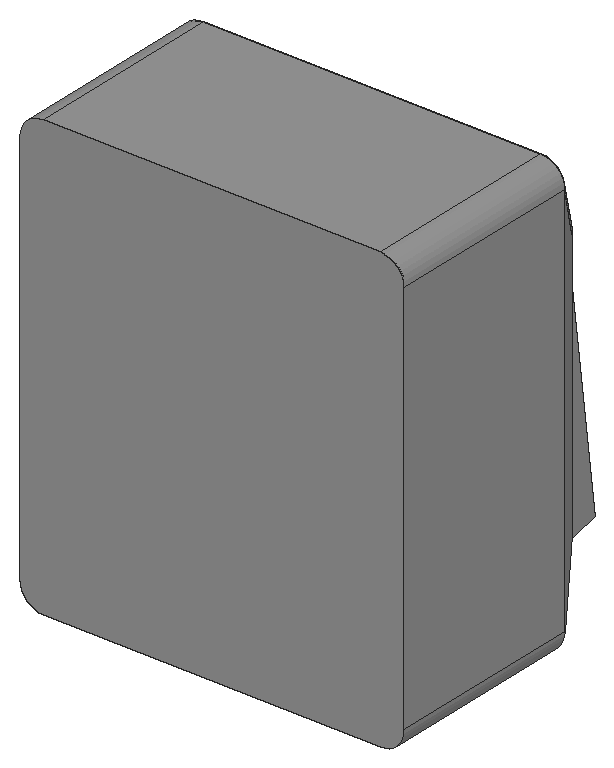
Revit family "IEK_Выключатель_ОткрытойУстановки_10А двухклавишный IP54_ГЕРМЕС PLUS", category Выключатели, Revit 2019
Family settings
  Сохранять ориентацию аннотаций = Да
  Размер круглого соединителя = Использовать диаметр
  Тип детали = Переключатель
  На основе рабочей плоскости = Нет
  Всегда вертикально = Да
  При загрузке вырезать с полостями = Нет
  Общий = Нет
  Точка расчета площади = Нет
Parameters (values of type "ВС20-2-0-ГПБ")
  Ширина = 72 mm  # constant formula
  Тип монтажа = "Поверхность монтажа (открытая установка)"  # constant formula
  Степень защиты = "IP54"  # constant formula
  Изготовитель = "IEK"  # constant formula
  Дата изменения = ""
  Глубина = 52 mm  # constant formula
  Высота = 72 mm  # constant formula
  ΔХ [instance] = 2000 mm
  ΔY [instance] = 2000 mm
  KSI_CPr_Строительные изделия = "20.4.01"  # constant formula
  KSI_CMa_Строительные материалы = "01.7.14.03"  # constant formula
  IEK_Цена за единицу = 406.96
  IEK_Поиск в таблице имен = ""
  IEK_Описание = "Изделия серии \"ГЕРМЕС PLUS\" используются в помещениях с повышенной влажностью или запыленностью, а также под навесом на открытом воздухе."
  IEK_URL = "https://www.iek.ru/products/catalog/izdeliya_elektroustanovochnye_udliniteli_i_silovye_razemy/elektroustanovochnye_izdeliya/elektroustanovochnye_izdeliya_otkrytogo_montazha_ip44_ip54/elektroustanovochnye_izdeliya_germes_plus/vyklyuchatel_2_klavishnyy_dlya_otkrytoy_ustanovki_vs20_2_0_gpb_ip54_germes_plus_tsvet_klavishi_belyy_iek"
  ADSK_Ток [instance] = 10 A  # constant formula
  ADSK_Примечание = ""
  ADSK_Полная мощность [instance] = ADSK_Номинальная мощность / ADSK_Коэффициент мощности  # 2200 VA
  ADSK_Позиция [instance] = ""
  ADSK_Номинальная мощность [instance] = ADSK_Ток * ADSK_Напряжение * sqrt(ADSK_Количество фаз числовое) * ADSK_Коэффициент мощности  # 2200 W
  ADSK_Напряжение = 220 V
  ADSK_Наименование = "Выключатель 2-клавишный для открытой установки ВС20-2-0-ГПБ IP54 ГЕРМЕС PLUS (цвет клавиши: белый) IEK"
  ADSK_Материал обозначение = ""
  ADSK_Материал наименование = "Пластик"  # constant formula
  ADSK_Материал = Цвет белый
  ADSK_Масса = 0.11
  ADSK_Марка = "ГЕРМЕС PLUS"  # constant formula
  ADSK_Коэффициент мощности [instance] = 1  # constant formula
  ADSK_Количество фаз числовое = 1
  ADSK_Количество фаз = 1
  ADSK_Код изделия = "EVMP20-K01-10-54-EC"
  ADSK_Классификация нагрузок [instance] = Прочее
  ADSK_Завод-изготовитель = "IEK"  # constant formula
  ADSK_Единица измерения = "шт"  # constant formula
  ADSK_Группирование = "III ЭЛЕКТРОУСТАНОВОЧНЫЕ И ЭЛЕКТРОМОНТАЖНЫЕ ИЗДЕЛИЯ"  # constant formula
  ADSK_Версия семейства = "1.0"  # constant formula
  ADSK_Версия Revit = "2019"  # constant formula
  ADSK_URL страницы изделия = "https://www.iek.ru/products/catalog/izdeliya_elektroustanovochnye_udliniteli_i_silovye_razemy/elektroustanovochnye_izdeliya/elektroustanovochnye_izdeliya_otkrytogo_montazha_ip44_ip54/elektroustanovochnye_izdeliya_germes_plus/?pagec=100"
Reference planes
  plane 1 "По центру (Вперед/Назад)": y = 0
  plane 2: z = 0
  plane 3 "По центру (Влево/Вправо)": x = 0
  plane 4 "Высота ножек": z = 280
  plane 5 "Высота": z = 2081.496
  plane 6: x = -2000
  plane 7: y = 2000
Forms (mm)
  Extrusion 1, solid, detail levels coarse
    sketch origin (5.5, 24, 0) x (1, 0, 0) y (0, 1, 0)
      loop
        line (-41.5, -24) -> (30.5, -24) -> (30.5, 28) -> (-41.5, 28) -> (-41.5, -24)
    from 0 to 72
  Extrusion 2, solid, detail levels medium
    sketch origin (-5.5, 24, 0) x (1, 0, 0) y (0, 1, 0)
      loop
        line (-30.5, 28) -> (-30.5, -24) -> (41.5, -24) -> (41.5, 28) -> (-30.5, 28)
    from 0 to 72
  Extrusion 3, solid, material "Цвет белый" <- "ADSK_Материал", detail levels fine
    sketch origin (0, 0, 187.446) x (1, 0, 0) y (0, 0, -1)
      loop
        arc (-32.5, 116.446) -> (-31.328, 113.618) -> (-28.5, 112.446) r 4
        line (-28.5, 112.446) -> (28.5, 112.446)
        arc (28.5, 112.446) -> (31.328, 113.618) -> (32.5, 116.446) r 4
        line (32.5, 116.446) -> (32.5, 183.446)
        arc (32.5, 183.446) -> (31.328, 186.275) -> (28.5, 187.446) r 4
        line (28.5, 187.446) -> (-28.5, 187.446)
        arc (-28.5, 187.446) -> (-31.328, 186.275) -> (-32.5, 183.446) r 4
        line (-32.5, 183.446) -> (-32.5, 116.446)
    from 0 to 33.882
  Blend 4, solid, material "Цвет белый" <- "ADSK_Материал", detail levels fine
    base sketch origin (0, 0, 187.446) x (1, 0, 0) y (0, 0, -1)
      loop
        arc (-32.5, 116.446) -> (-31.328, 113.618) -> (-28.5, 112.446) r 4
        line (-28.5, 112.446) -> (28.5, 112.446)
        arc (28.5, 112.446) -> (31.328, 113.618) -> (32.5, 116.446) r 4
        line (32.5, 116.446) -> (32.5, 183.446)
        arc (32.5, 183.446) -> (31.328, 186.275) -> (28.5, 187.446) r 4
        line (28.5, 187.446) -> (-28.5, 187.446)
        arc (-28.5, 187.446) -> (-31.328, 186.275) -> (-32.5, 183.446) r 4
        line (-32.5, 183.446) -> (-32.5, 116.446)
    top sketch origin (0, 0, 187.446) x (1, 0, 0) y (0, 0, -1)
      loop
        arc (-28.842, 127.056) -> (-27.846, 124.651) -> (-25.442, 123.656) r 3.4
        line (-25.442, 123.656) -> (25.445, 123.656)
        arc (25.445, 123.656) -> (27.849, 124.651) -> (28.845, 127.056) r 3.4
        line (28.845, 127.056) -> (28.845, 172.837)
        arc (28.845, 172.837) -> (27.849, 175.242) -> (25.445, 176.237) r 3.4
        line (25.445, 176.237) -> (-25.442, 176.237)
        arc (-25.442, 176.237) -> (-27.846, 175.242) -> (-28.842, 172.837) r 3.4
        line (-28.842, 172.837) -> (-28.842, 127.056)
    from 33.882 to 40
  Extrusion 5, void
    sketch origin (0, 0, 187.446) x (1, 0, 0) y (0, 0, -1)
      loop
        line (-28.25, 172.415) -> (-28.25, 127.265)
        arc (-28.25, 127.265) -> (-27.371, 125.144) -> (-25.25, 124.265) r 3
        line (-25.25, 124.265) -> (25.25, 124.265)
        arc (25.25, 124.265) -> (27.371, 125.144) -> (28.25, 127.265) r 3
        line (28.25, 127.265) -> (28.25, 172.415)
        arc (28.25, 172.415) -> (27.371, 174.536) -> (25.25, 175.415) r 3
        line (25.25, 175.415) -> (-25.25, 175.415)
        arc (-25.25, 175.415) -> (-27.371, 174.536) -> (-28.25, 172.415) r 3
    from 38.844 to 40
  Extrusion 6, solid, material "Цвет белый" <- "ADSK_Материал", detail levels fine
    sketch origin (0, 8.344, 188.715) x (0, 0, -1) y (0, 1, 0)
      loop
        line (176.354, 30.5) -> (174.63, 38.121)
        arc (174.63, 38.121) -> (150.329, 36.271) -> (126.348, 31.933) r 236.751
        line (126.348, 31.933) -> (126.348, 30.5) -> (176.354, 30.5)
    from -27.5 to -0.2
  Extrusion 7, solid, material "Цвет белый" <- "ADSK_Материал", detail levels fine
    sketch origin (0, 8.344, 188.715) x (0, 0, -1) y (0, -1, 0)
      loop
        line (176.354, -30.5) -> (126.348, -30.5) -> (126.348, -31.933)
        arc (126.348, -31.933) -> (150.329, -36.271) -> (174.63, -38.121) r 236.751
        line (174.63, -38.121) -> (176.354, -30.5)
    from -27.5 to -0.2
Cuts and joins
  Extrusion 5 cuts Blend 4
Lines and regions (mm)
  reference lines
    curve 1: line (0, 44.647, 0) -> (0, -55.353, 0)
    curve 2: line (-23.829, 0, 0) -> (76.171, 0, 0)
Dimensions and locks
  locked: plane 4 "Высота ножек" to plane 2 at 280
  plane 5 "Высота" to plane 4 "Высота ножек" = 1801.496 mm
  "ΔХ": plane 6 to curve 1
  "ΔY": plane 7 to curve 2
  aligned and locked: level to plane 2
  aligned and locked: curve 2 to nested 1
  aligned and locked: nested 1 to curve 1
Automatic sketch dimensions
  Extrusion 1 sketch curve to plane 1 "По центру (Вперед/Назад)" = 52 mm
  Extrusion 1 sketch curve to plane 3 "По центру (Влево/Вправо)" = 36 mm
  plane 3 "По центру (Влево/Вправо)" to Extrusion 1 sketch curve = 36 mm
  plane 1 "По центру (Вперед/Назад)" to Extrusion 1 sketch curve = 0 mm
  Extrusion 2 sketch curve to plane 3 "По центру (Влево/Вправо)" = 36 mm
  plane 3 "По центру (Влево/Вправо)" to Extrusion 2 sketch curve = 36 mm
  plane 1 "По центру (Вперед/Назад)" to Extrusion 2 sketch curve = 0 mm
  Extrusion 2 sketch curve to plane 1 "По центру (Вперед/Назад)" = 52 mm
  Extrusion 3 sketch curve to level = 0 mm
  level to Extrusion 3 sketch curve = 71 mm
  Extrusion 3 sketch curve to plane 3 "По центру (Влево/Вправо)" = 32.5 mm
  Extrusion 3 sketch curve to Extrusion 3 sketch curve = 4 mm  (x3)
  Extrusion 3 sketch curve to Extrusion 3 sketch curve = 57 mm  (x2)
  Blend 4 sketch curve to level = 0 mm
  level to Blend 4 sketch curve = 71 mm
  Blend 4 sketch curve to plane 3 "По центру (Влево/Вправо)" = 32.5 mm
  Blend 4 sketch curve to Blend 4 sketch curve = 4 mm  (x3)
  Blend 4 sketch curve to Blend 4 sketch curve = 57 mm  (x2)
  level to Blend 4 sketch curve = 60.391 mm
  Blend 4 sketch curve to plane 3 "По центру (Влево/Вправо)" = 28.842 mm
  Blend 4 sketch curve to Blend 4 sketch curve = 3.4 mm  (x3)
  level to Blend 4 sketch curve = 11.209 mm
  Blend 4 sketch curve to Blend 4 sketch curve = 50.887 mm
  Blend 4 sketch curve to Blend 4 sketch curve = 0 mm
  level to Extrusion 5 sketch curve = 15.032 mm  (x2)
  Extrusion 5 sketch curve to plane 3 "По центру (Влево/Вправо)" = 28.25 mm
  Extrusion 5 sketch curve to Extrusion 5 sketch curve = 3 mm  (x2)
  Extrusion 5 sketch curve to Extrusion 5 sketch curve = 50.5 mm
  Extrusion 5 sketch curve to Extrusion 5 sketch curve = 0 mm
  Extrusion 5 sketch curve to Extrusion 5 sketch curve = 45.15 mm
  level to Extrusion 6 sketch curve = 62.367 mm
  level to Extrusion 6 sketch curve = 14.085 mm
  Extrusion 6 sketch curve to Extrusion 6 sketch curve = 1.724 mm
  level to Extrusion 6 sketch curve = 8.292 mm
  plane 1 "По центру (Вперед/Назад)" to Extrusion 6 sketch curve = 190.215 mm
  Extrusion 6 sketch curve to plane 1 "По центру (Вперед/Назад)" = 38.844 mm
  Extrusion 6 sketch curve to Extrusion 6 sketch curve = 1.433 mm
  level to Extrusion 7 sketch curve = 62.367 mm
  level to Extrusion 7 sketch curve = 14.085 mm
  Extrusion 7 sketch curve to Extrusion 7 sketch curve = 1.724 mm
  level to Extrusion 7 sketch curve = 8.292 mm
  Extrusion 7 sketch curve to plane 1 "По центру (Вперед/Назад)" = 46.465 mm
  Extrusion 7 sketch curve to plane 1 "По центру (Вперед/Назад)" = 40.277 mm
  Extrusion 7 sketch curve to Extrusion 7 sketch curve = 1.433 mm
  curve 2 to plane 3 "По центру (Влево/Вправо)" = 23.829 mm
  plane 3 "По центру (Влево/Вправо)" to curve 2 = 76.171 mm
  plane 1 "По центру (Вперед/Назад)" to curve 1 = 55.353 mm
  curve 1 to plane 1 "По центру (Вперед/Назад)" = 44.647 mm
Nested families
  nested 1: "УГО Выключателя" at (0, 0, 0), type "2K-O", detail levels coarse+medium
    with IP44 yes
Connectors
  electrical at (0, 0, 36), driven by "ADSK_Количество фаз", driven by "ADSK_Классификация нагрузок", driven by "ADSK_Напряжение", driven by "ADSK_Полная мощность", driven by "ADSK_Коэффициент мощности"
    settings: on Extrusion 1, index 1, voltage 220 V, apparent load 0 VA, apparent load phase1 2200 VA, apparent load phase2 0 VA, apparent load phase3 0 VA, power factor 1, load classification "Прочее", number of poles 1, system type 31, power factor state 1, is connector primary yes, connector utility no, sub classification motor no, connector description ""
Definition of nested family "УГО Выключателя"
  Parameters (values of type "3K-O")
    IP44 [instance] = no
    3K-C = no
    2K-C = no
    1K-C = no
    3K-O = yes
    2K-O = no
    1K-O = no
  Types (6, lengths in mm): name | 3K-C | 2K-C | 1K-C | 3K-O | 2K-O | 1K-O
    2K-O | no | no | no | no | yes | no
    3K-O | no | no | no | yes | no | no
    2K-C | no | yes | no | no | no | no
    1K-O | no | no | no | no | no | yes
    1K-C | no | no | yes | no | no | no
    3K-C | yes | no | no | no | no | no
  Reference planes
    plane 1: y = 0
    plane 2: x = 0
  Lines and regions (mm)
    Filled region 1, type "Цветовая область 1", visible <- "IP44", not visible
      outline origin (0, 0, 0) x (1, 0, 0) y (0, 1, 0)
        loop
          circle (0, 2.214) r 0.994
    Filled region 2, type "Цветовая область 1", visible <- "IP44", not visible
      outline origin (-1.562, 0, 0) x (1, 0, 0) y (0, 1, 0)
        loop
          circle (11.009, 9.276) r 0.994
    Filled region 3, type "Цветовая область 1", visible <- "IP44", not visible
      outline origin (-1.562, 0, 0) x (1, 0, 0) y (0, 1, 0)
        loop
          circle (23.521, 9.279) r 0.994
    Filled region 4, type "Цветовая область 1", visible <- "IP44", not visible
      outline origin (0, 0, 0) x (1, 0, 0) y (0, 1, 0)
        loop
          circle (28.604, 9.279) r 0.994
    Filled region 5, type "Цветовая область 1", visible <- "IP44", not visible
      outline origin (0, 0, 0) x (1, 0, 0) y (0, 1, 0)
        loop
          circle (32.789, 9.279) r 0.994
    Filled region 6, type "Цветовая область 1", visible <- "IP44"
      outline origin (0, 0, 0) x (1, 0, 0) y (0, 1, 0)
        loop
          circle (0.006, 0.994) r 0.994
    Filled region 7, type "Цветовая область 1", visible <- "IP44"
      outline origin (0, 0, 0) x (1, 0, 0) y (0, 1, 0)
        loop
          circle (0.006, 0.994) r 0.994
    Filled region 8, type "Цветовая область 1", visible <- "IP44"
      outline origin (-1.562, 0, 0) x (1, 0, 0) y (0, 1, 0)
        loop
          circle (1.569, 0.994) r 0.994
    Filled region 9, type "Цветовая область 1", visible <- "IP44"
      outline origin (0, 0, 0) x (1, 0, 0) y (0, 1, 0)
        loop
          circle (0.006, 0.994) r 0.994
    Filled region 10, type "Цветовая область 1", visible <- "IP44", not visible
      outline origin (0, 0, 0) x (1, 0, 0) y (0, 1, 0)
        loop
          circle (15.057, 15.33) r 0.994
    Filled region 11, type "Цветовая область 1", visible <- "IP44"
      outline origin (-1.562, 0, 0) x (1, 0, 0) y (0, 1, 0)
        loop
          circle (1.569, 0.994) r 0.994
    Filled region 12, type "Цветовая область 1", visible <- "IP44"
      outline origin (0, 0, 0) x (1, 0, 0) y (0, 1, 0)
        loop
          circle (0.006, 0.994) r 0.994
    detail lines, visible <- "3K-O", not visible
      curve 1: line (0.86, 2.711, 0) -> (3.031, 3.964, 0)
      curve 2: line (0.639, 2.975, 0) -> (2.25, 4.895, 0)
      curve 3: line (0.323, 3.154, 0) -> (1.139, 5.524, 0)
      curve 4: circle (0, 2.214, 0) r 0.994 normal (0, 0, 1)
      curve 5: line (3.031, 3.964, 0) -> (3.431, 3.272, 0)
      curve 6: line (2.25, 4.895, 0) -> (2.863, 4.381, 0)
      curve 7: line (1.139, 5.524, 0) -> (1.896, 5.263, 0)
    detail lines, visible <- "2K-O", not visible
      curve 8: line (10.196, 9.928, 0) -> (12.088, 11.572, 0)
      curve 9: line (9.928, 10.145, 0) -> (11.143, 12.337, 0)
      curve 10: circle (9.446, 9.276, 0) r 0.994 normal (0, 0, 1)
      curve 11: line (12.088, 11.572, 0) -> (12.613, 10.968, 0)
      curve 12: line (11.143, 12.337, 0) -> (11.843, 11.949, 0)
    detail lines, visible <- "1K-O", not visible
      curve 13: line (15.627, 16.144, 0) -> (17.201, 18.393, 0)
      curve 14: circle (15.057, 15.33, 0) r 0.994 normal (0, 0, 1)
      curve 15: line (17.201, 18.393, 0) -> (17.857, 17.934, 0)
    detail lines, visible <- "3K-C", not visible
      curve 16: line (22.819, 9.775, 0) -> (24.99, 11.029, 0)
      curve 17: line (22.597, 10.04, 0) -> (24.208, 11.96, 0)
      curve 18: line (22.282, 10.218, 0) -> (23.098, 12.588, 0)
      curve 19: circle (21.958, 9.279, 0) r 0.994 normal (0, 0, 1)
      curve 20: line (24.765, 11.418, 0) -> (25.215, 10.639, 0)
      curve 21: line (23.863, 12.249, 0) -> (24.553, 11.67, 0)
      curve 22: line (22.672, 12.734, 0) -> (23.523, 12.441, 0)
    detail lines, visible <- "2K-C", not visible
      curve 23: line (29.354, 9.93, 0) -> (31.246, 11.575, 0)
      curve 24: line (29.086, 10.148, 0) -> (30.301, 12.34, 0)
      curve 25: circle (28.604, 9.279, 0) r 0.994 normal (0, 0, 1)
      curve 26: line (30.951, 11.914, 0) -> (31.541, 11.235, 0)
      curve 27: line (29.908, 12.558, 0) -> (30.695, 12.122, 0)
    detail lines, visible <- "1K-C", not visible
      curve 28: line (33.359, 10.092, 0) -> (34.797, 12.146, 0)
      curve 29: circle (32.789, 9.279, 0) r 0.994 normal (0, 0, 1)
      curve 30: line (34.428, 12.404, 0) -> (35.165, 11.887, 0)
    detail lines
      curve 31: line (0.006, 0, 0) -> (0.006, 2.454, 0)
      curve 32: line (0.006, 0, 0) -> (2.217, 0, 0)
    detail lines, visible <- "1K-C"
      curve 33: line (0.576, 1.808, 0) -> (2.014, 3.861, 0)
      curve 34: circle (0.006, 0.994, 0) r 0.994 normal (0, 0, 1)
      curve 35: line (1.645, 4.119, 0) -> (2.383, 3.603, 0)
    detail lines, visible <- "2K-C"
      curve 36: line (0.756, 1.645, 0) -> (2.648, 3.29, 0)
      curve 37: line (0.488, 1.863, 0) -> (1.703, 4.055, 0)
      curve 38: circle (0.006, 0.994, 0) r 0.994 normal (0, 0, 1)
      curve 39: line (2.353, 3.629, 0) -> (2.943, 2.95, 0)
      curve 40: line (1.31, 4.273, 0) -> (2.097, 3.837, 0)
    detail lines, visible <- "3K-C"
      curve 41: line (0.867, 1.49, 0) -> (3.037, 2.744, 0)
      curve 42: line (0.645, 1.755, 0) -> (2.256, 3.675, 0)
      curve 43: line (0.33, 1.933, 0) -> (1.146, 4.303, 0)
      curve 44: circle (0.006, 0.994, 0) r 0.994 normal (0, 0, 1)
      curve 45: line (2.812, 3.133, 0) -> (3.262, 2.354, 0)
      curve 46: line (1.911, 3.964, 0) -> (2.601, 3.386, 0)
      curve 47: line (0.72, 4.449, 0) -> (1.571, 4.156, 0)
    detail lines, visible <- "1K-O"
      curve 48: line (0.576, 1.808, 0) -> (2.151, 4.056, 0)
      curve 49: circle (0.006, 0.994, 0) r 0.994 normal (0, 0, 1)
      curve 50: line (2.151, 4.056, 0) -> (2.806, 3.597, 0)
    detail lines, visible <- "2K-O"
      curve 51: line (0.756, 1.645, 0) -> (2.648, 3.29, 0)
      curve 52: line (0.488, 1.863, 0) -> (1.703, 4.055, 0)
      curve 53: circle (0.006, 0.994, 0) r 0.994 normal (0, 0, 1)
      curve 54: line (2.648, 3.29, 0) -> (3.173, 2.686, 0)
      curve 55: line (1.703, 4.055, 0) -> (2.403, 3.667, 0)
    detail lines, visible <- "3K-O"
      curve 56: line (0.867, 1.49, 0) -> (3.037, 2.744, 0)
      curve 57: line (0.645, 1.755, 0) -> (2.256, 3.675, 0)
      curve 58: line (0.33, 1.933, 0) -> (1.146, 4.303, 0)
      curve 59: circle (0.006, 0.994, 0) r 0.994 normal (0, 0, 1)
      curve 60: line (3.037, 2.744, 0) -> (3.437, 2.051, 0)
      curve 61: line (2.256, 3.675, 0) -> (2.869, 3.161, 0)
      curve 62: line (1.146, 4.303, 0) -> (1.902, 4.042, 0)
